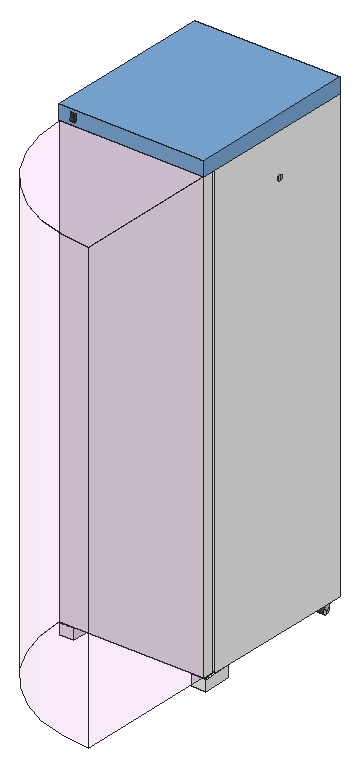
Revit family "QF_Summit_ACR1601W_24_Wide_Upright_Healthcare_Refrigerator", category Specialty Equipment, Revit 2020
Family settings
  Round Connector Dimension = Use Diameter
  Part Type = Normal
  Work Plane-Based = No
  Always vertical = Yes
  Cut with Voids When Loaded = No
  Shared = No
  Room Calculation Point = No
Parameters
  Weight in Pounds = 143
  Watts = Volts * FL Amps  # 230 W
  Volts = 115 V
  URL Cutsheet = ""
  Specification by User = ""
  Specification by Manufacturer = ""
  Show Right Hand Door [instance] = yes
  Show Left Hand Door [instance] = not(Show Right Hand Door)  # no
  Show Clearance [instance] = yes
  Serial Number = ""
  Seismic Rating = ""
  SMACNA No = ""
  Revision Code = ""
  Refrigerant Type = "R600a"
  Phase = 1
  Number of Poles = 1
  NAFEM Spec ID Number = ""
  Model = "ACR1601W"
  Min Ckt Ampacity = 0 A
  Max Overcurrent Protection = 0 A
  Masterspec = ""
  Manufacturer = "Summit"
  Length = 23.38"
  Item Number = ""
  Installed By = ""
  Identify Quantity as Lot = yes
  Height = 76 3/4"
  HP = ""
  Furnished By = ""
  Foodservice Equipment Identifier = yes
  FL Amps = 2 A
  Electrical Remarks = ""
  Electric Connection Type = ""
  Elec Conn RI Height = 0"
  Elec Conn Connection Height = 0"
  Description = "24\" Wide Upright Healthcare Refrigerator"
  Depth = 28.13"
  Default Elevation = 0"
  Cycle = 60 Hz
  Conn Plug = ""
  Conn Conduit = yes
  CSI MasterFormat = ""
  Apparent Power = 0 VA
Reference planes (in)
  plane 1 "BACK": y = 0
  plane 2: z = 0
  plane 3 "LEFT": x = 0
  plane 4 "RIGHT": x = 23.38
  plane 5 "FRONT": y = -28.13
  plane 6 "TOP": z = 76.75
  plane 7 "Center Y": x = 11.69
  plane 8 "Center X": y = -14.065
Forms (in)
  Extrusion 1, solid, material "QF_Plastic_Light_Blue_Smooth"
    sketch origin (-38.39759, -180, 76.75) x (-1, 0, 0) y (0, -1, 0)
      loop
        line (-38.39759, -151.87) -> (-61.77759, -151.87) -> (-61.77759, -179.25) -> (-38.39759, -179.25) -> (-38.39759, -151.87)
    from 0 to -2.375
  Extrusion 2, solid, material "QF_Plastic_White_Smooth"
    sketch origin (0, 0, 0) x (0, 1, 0) y (0, 0, 1)
      loop
        line (-25.755, 74.375) -> (-25.755, 1.74779) -> (-0.75, 1.74779) -> (-0.75, 74.375) -> (-25.755, 74.375)
    from 0 to 23.38
  Extrusion 3, solid, material "QF_Plastic_White_Smooth"
    sketch origin (0, -19.875, 5) x (1, 0, 0) y (0, -1, 0)
      loop
        line (0.625, 6.38) -> (0.625, 5.88) -> (22.755, 5.88) -> (22.755, 6.38) -> (0.625, 6.38)
    from 2.50221 to -68.77018
  Extrusion 4, solid, material "QF_Metal_Stainless_Polished"
    sketch origin (0, -0.75, 75.22602) x (0, 0, -1) y (-1, 0, 0)
      loop
        circle (71.69735, -22.29558) r 0.25
    from 0 to 0.03125
  Revolve 5, solid, material "QF_Metal_Stainless_Polished"
    sketch origin (0, -13, 49.00076) x (0, 0, 1) y (1, 0, 0)
      loop
        line (19.11924, 23.38) -> (19.11924, 23.63) -> (18.74424, 23.63) -> (18.74424, 23.38) -> (19.11924, 23.38)
      axis (18.74424, 23.38) -> (18.74424, 23.63)
    angle from 0 to 360
  Extrusion 6, solid, material "QF_Metal_Stainless_Polished"
    sketch origin (2.75, -5.78899, 48) x (0, -1, 0) y (0, 0, 1)
      loop
        line (-5.03899, 19.99953) -> (-5.78899, 19.99953) -> (-5.78899, -35.36826) -> (-5.03899, -35.36826) -> (-5.03899, 19.99953)
    from 0 to -18
  Extrusion 7, solid, material "QF_Plastic_White_Smooth"
    sketch origin (23.5, 0, 0) x (0, 1, 0) y (0, 0, -1)
      loop
        line (-23.255, -1.74779) -> (-23.255, 0) -> (-27.755, 0) -> (-27.755, -1.74779) -> (-23.255, -1.74779)
    from 0.12 to 2.375
  Extrusion 8, solid, material "QF_Plastic_White_Smooth"
    sketch origin (-0.12, 0, 0) x (0, 1, 0) y (0, 0, 1)
      loop
        line (-23.255, 1.74779) -> (-27.755, 1.74779) -> (-27.755, 0) -> (-23.255, 0) -> (-23.255, 1.74779)
    from 0.12 to 2.375
  Extrusion 9, solid, material "QF_Metal_Stainless_Polished"
    sketch origin (-2.83942, -28.13, 53.495) x (1, 0, 0) y (0, 0, 1)
      loop
        line (4.83942, 22.77799) -> (4.83942, 21.52799) -> (5.58942, 21.52799) -> (5.58942, 22.77799) -> (4.83942, 22.77799)
    from 0 to 0.06284
  Extrusion 10, solid, material "QF_Metal_Stainless_Polished"
    sketch origin (2.375, -187.13, 87.14299) x (0, 0, -1) y (0, -1, 0)
      loop
        line (11.495, -158.93716) -> (11.89901, -158.93716) -> (11.89901, -158.67814) -> (11.495, -158.86654) -> (11.09362, -158.86654) -> (11.09362, -158.93716) -> (11.495, -158.93716)
    from -0.28042 to 0.28363
Lines and regions (in)
  Split face 1
    outline origin (4.56, -28.13, 74.6275) x (0, 0, 1) y (-1, 0, 0)
      loop
        circle (0.9766, -7.13) r 0.5
  Split face 2
    outline origin (4.56, -28.13, 74.6275) x (0, 0, 1) y (-1, 0, 0)
      loop
        circle (0.9766, -7.13) r 0.25
  Split face 3
    outline origin (4.5, -28.13, 74.065) x (0, 0, 1) y (-1, 0, 0)
      loop
        line (2.10399, -11.23542) -> (0.85399, -11.23542) -> (0.85399, -14.48542) -> (2.10399, -14.48542) -> (2.10399, -11.23542)
  Split face 4
    outline origin (4.5, -28.13, 73.815) x (0, 0, 1) y (-1, 0, 0)
      loop
        line (2.60301, -14.95537) -> (0.85497, -14.95537) -> (0.85497, -18.45537) -> (2.60301, -18.45537) -> (2.60301, -14.95537)
  Split face 5
    outline origin (4.5, -28.13, 73.815) x (0, 0, 1) y (-1, 0, 0)
      loop
        line (2.33838, -15.41838) -> (1.08838, -15.41838) -> (1.08838, -18.01344) -> (2.33838, -18.01344) -> (2.33838, -15.41838)
  symbolic lines
    curve 1: line (0, -0.75, 0) -> (23.38, -0.75, 0)
    curve 2: line (0, -28.13, 0) -> (0, -0.75, 0)
    curve 3: line (23.38, -28.13, 0) -> (0, -28.13, 0)
    curve 4: line (23.38, -0.75, 0) -> (23.38, -28.13, 0)
    curve 5: line (2.75, 0, 0) -> (2.75, -0.75, 0)
    curve 6: line (20.75, 0, 0) -> (2.75, 0, 0)
    curve 7: line (20.75, -0.75, 0) -> (20.75, 0, 0)
    curve 8: line (4.5, -28.13, 0) -> (4.5, -28.19944, 0)
    curve 9: line (4.5, -28.19944, 0) -> (5.25, -28.19944, 0)
    curve 10: line (5.25, -28.19944, 0) -> (5.25, -28.13, 0)
    curve 11: line (4.5625, -28.19944, 0) -> (4.5625, -28.29089, 0)
    curve 12: line (5.1875, -28.29089, 0) -> (5.1875, -28.19944, 0)
    curve 13: line (5.1875, -28.29089, 0) -> (4.5625, -28.29089, 0)
    curve 14: line (11.315, -28.16125, 0) -> (11.315, -28.13, 0)
    curve 15: line (12.065, -28.16125, 0) -> (12.065, -28.13, 0)
    curve 16: line (12.065, -28.16125, 0) -> (11.315, -28.16125, 0)
    curve 17: line (15.8175, -28.13, 0) -> (15.8175, -28.16125, 0)
    curve 18: line (15.8175, -28.16125, 0) -> (18.8175, -28.16125, 0)
    curve 19: line (18.8175, -28.16125, 0) -> (18.8175, -28.13, 0)
    curve 20: line (19.25225, -28.13, 0) -> (19.25225, -28.16125, 0)
    curve 21: line (19.25225, -28.16125, 0) -> (23.00225, -28.16125, 0)
    curve 22: line (23.00225, -28.16125, 0) -> (23.00225, -28.13, 0)
    curve 23: line (23.63, -12.625, 0) -> (23.38, -12.625, 0)
    curve 24: line (23.63, -12.625, 0) -> (23.63, -13.375, 0)
    curve 25: line (23.63, -13.375, 0) -> (23.38, -13.375, 0)
    curve 26: line (2, -28.13, 0) -> (2, -28.19284, 0)
    curve 27: line (2, -28.19284, 0) -> (2.75, -28.19284, 0)
    curve 28: line (2.75, -28.19284, 0) -> (2.75, -28.13, 0)
    curve 29: line (2.09137, -28.19284, 0) -> (2.09137, -28.45186, 0)
    curve 30: line (2.65542, -28.45186, 0) -> (2.65542, -28.19284, 0)
    curve 31: line (2.65542, -28.45186, 0) -> (2.09137, -28.45186, 0)
    curve 32: line (2.09137, -28.26346, 0) -> (2.65542, -28.26346, 0)
Dimensions and locks (in)
  equal spacing: plane 3 "LEFT", plane 7 "Center Y", plane 4 "RIGHT"
  "Length": plane 3 "LEFT" to plane 4 "RIGHT"
  equal spacing: plane 5 "FRONT", plane 8 "Center X", plane 1 "BACK"
  "Depth": plane 5 "FRONT" to plane 1 "BACK"
  "Height": plane 6 "TOP" to level
  aligned and locked: level to plane 2
Automatic sketch dimensions
  Extrusion 1 sketch curve to plane 4 "RIGHT" = 0"
  Extrusion 1 sketch curve to plane 3 "LEFT" = 0"
  plane 5 "FRONT" to Extrusion 1 sketch curve = 0"
  plane 1 "BACK" to Extrusion 1 sketch curve = 3/4"
  Extrusion 2 sketch curve to plane 5 "FRONT" = 2 3/8"
  plane 1 "BACK" to Extrusion 2 sketch curve = 3/4"
  level to Extrusion 2 sketch curve = 1.74779"
  Extrusion 2 sketch curve to plane 6 "TOP" = 2 3/8"
  plane 3 "LEFT" to Extrusion 3 sketch curve = 5/8"
  plane 4 "RIGHT" to Extrusion 3 sketch curve = 5/8"
  Extrusion 3 sketch curve to plane 5 "FRONT" = 1 7/8"
  Extrusion 3 sketch curve to Extrusion 3 sketch curve = 1/2"
  Extrusion 2 to Extrusion 4 sketch curve = 1.78088"
  Extrusion 2 to Extrusion 4 sketch curve = 1.08442"
  plane 4 "RIGHT" to Revolve 5 sketch curve = 0"  (x2)
  Revolve 5 sketch curve to plane 6 "TOP" = 9.005"
  Revolve 5 sketch curve to Revolve 5 sketch curve = 3/8"
  Revolve 5 sketch curve to plane 4 "RIGHT" = 1/4"
  Revolve 5 sketch curve to Revolve 5 sketch curve = 0"
  Revolve 5 sketch curve to plane 4 "RIGHT" = 0.09237"
  Extrusion 6 sketch curve to plane 1 "BACK" = 0"
  plane 1 "BACK" to Extrusion 6 sketch curve = 3/4"
  level to Extrusion 6 sketch curve = 12.63174"
  Extrusion 6 sketch curve to plane 6 "TOP" = 8.75047"
  Extrusion 7 sketch curve to level = 0"
  Extrusion 7 sketch curve to plane 5 "FRONT" = 3/8"
  Extrusion 7 sketch curve to Extrusion 7 sketch curve = 4 1/2"
  level to Extrusion 7 sketch curve = 1.74779"
  Extrusion 8 sketch curve to level = 0"
  Extrusion 8 sketch curve to plane 5 "FRONT" = 3/8"
  Extrusion 8 sketch curve to Extrusion 8 sketch curve = 4 1/2"
  level to Extrusion 8 sketch curve = 1.74779"
  Split face 1 sketch curve to Extrusion 1 = 1.1459"
  Split face 1 sketch curve to Extrusion 1 = 11.69"
  Split face 2 sketch curve to Extrusion 1 = 1.1459"
  Split face 2 sketch curve to Extrusion 1 = 11.69"
  Split face 3 sketch curve to Extrusion 1 = 0.54399"
  Split face 3 sketch curve to Extrusion 1 = 0.58101"
  Split face 3 sketch curve to Extrusion 1 = 4.39458"
  Split face 3 sketch curve to Split face 3 sketch curve = 3 1/4"
  Split face 4 sketch curve to Extrusion 1 = 0.29497"
  Split face 4 sketch curve to Extrusion 1 = 0.33199"
  Split face 4 sketch curve to Extrusion 1 = 0.42463"
  Split face 4 sketch curve to Split face 4 sketch curve = 3 1/2"
  Split face 5 sketch curve to Extrusion 1 = 0.52838"
  Split face 5 sketch curve to Extrusion 1 = 0.59662"
  Split face 5 sketch curve to Extrusion 1 = 0.86656"
  Split face 5 sketch curve to Split face 5 sketch curve = 2.59507"
  plane 3 "LEFT" to Extrusion 9 sketch curve = 2"
  Extrusion 9 sketch curve to Extrusion 9 sketch curve = 3/4"
  Extrusion 9 sketch curve to plane 6 "TOP" = 1.72701"
  Extrusion 9 sketch curve to plane 6 "TOP" = 0.47701"
  plane 5 "FRONT" to Extrusion 10 sketch curve = 0.13346"
  Extrusion 10 sketch curve to plane 6 "TOP" = 0.70063"
  plane 5 "FRONT" to Extrusion 10 sketch curve = 0.06284"
  Extrusion 10 sketch curve to Extrusion 10 sketch curve = 0.40138"
  Extrusion 10 sketch curve to Extrusion 10 sketch curve = 0"
  Extrusion 10 sketch curve to Extrusion 10 sketch curve = 0.40401"
  Extrusion 10 sketch curve to Extrusion 10 sketch curve = 0.25902"
  curve 3 to plane 3 "LEFT" = 0"
  plane 5 "FRONT" to curve 26 = 0"
  plane 1 "BACK" to curve 6 = 0"
  curve 4 to plane 4 "RIGHT" = 0"
  plane 5 "FRONT" to curve 26 = 0.06284"
  plane 3 "LEFT" to curve 26 = 2"
  curve 26 to curve 29 = 0.09137"
  plane 5 "FRONT" to curve 31 = 0.32186"
  curve 29 to curve 31 = 0.56404"
  plane 3 "LEFT" to curve 6 = 2 3/4"
  curve 30 to curve 28 = 0.09458"
  plane 5 "FRONT" to curve 9 = 0.06944"
  curve 27 to curve 9 = 1 3/4"
  curve 8 to curve 13 = 1/16"
  plane 5 "FRONT" to curve 12 = 0.16089"
  curve 11 to curve 12 = 5/8"
  curve 12 to curve 10 = 1/16"
  plane 5 "FRONT" to curve 14 = 1/32"
  curve 14 to plane 7 "Center Y" = 3/8"
  plane 7 "Center Y" to curve 15 = 3/8"
  plane 5 "FRONT" to curve 18 = 1/32"
  curve 15 to curve 18 = 3.7525"
  curve 17 to curve 18 = 3"
  plane 5 "FRONT" to curve 20 = 1/32"
  curve 18 to curve 20 = 0.43475"
  plane 4 "RIGHT" to curve 7 = 2.63"
  plane 4 "RIGHT" to curve 21 = 0.37775"
  curve 25 to curve 25 = 1/4"
  plane 8 "Center X" to curve 24 = 0.69"
  curve 24 to curve 23 = 3/4"
  plane 1 "BACK" to curve 1 = 3/4"
  curve 32 to curve 30 = 0.07062"
  radius of Extrusion 4 sketch curve = 1/4"
  radius of Split face 1 sketch curve = 1/2"
  radius of Split face 2 sketch curve = 1/4"
Nested families (in)
  nested 1: "RHD AND LHD" at (0.065, -26.255, 0.26038), Show Clearance <- "Show Clearance", Show Left Hand Door <- "Show Left Hand Door", Show Right Hand Door <- "Show Right Hand Door", type "RHD AND LHD"
    with Show Right Hand Door yes, Show Left Hand Door no, Show Clearance yes, Right Hand Door yes, Left Hand Door no, Clearance yes
  nested 2: "2 INCHES_CASTER" at (22.3125, -3.21818, 0), type "2 INCHES_CASTER"
    with Type Mark "", Specification by User "", Revision Code "", Item Number "", Installed By "", Identify Quantity as Lot yes, Furnished By "", Foodservice Equipment Identifier yes, 2.5 Inches Caster yes
  nested 3: "2 INCHES_CASTER" at (1.1875, -3.21818, 0) x (-1, 0, 0) z (0, 0, 1), type "2 INCHES_CASTER"
    with Type Mark "", Specification by User "", Revision Code "", Item Number "", Installed By "", Identify Quantity as Lot yes, Furnished By "", Foodservice Equipment Identifier yes, 2.5 Inches Caster yes
Definition of nested family "RHD AND LHD"
  Parameters (values of type "RHD AND LHD")
    Weight in Pounds = 0
    URL Cutsheet = ""
    Specification by User = ""
    Specification by Manufacturer = ""
    Show Right Hand Door [instance] = yes
    Show Left Hand Door [instance] = yes
    Show Clearance [instance] = yes
    Serial Number = ""
    Seismic Rating = ""
    SMACNA No = ""
    Right Hand Door [instance] = Show Right Hand Door  # yes
    Revision Code = ""
    NAFEM Spec ID Number = ""
    Masterspec = ""
    Length = 23 1/4"
    Left Hand Door [instance] = Show Left Hand Door  # yes
    Item Number = ""
    Installed By = ""
    Identify Quantity as Lot = yes
    Height = 53.13"
    Furnished By = ""
    Foodservice Equipment Identifier = yes
    Depth = 1 3/4"
    Default Elevation = 0"
    Clearance [instance] = Show Clearance  # yes
    CSI MasterFormat = ""
  Reference planes (in)
    plane 1 "BACK": y = 0
    plane 2: z = 0
    plane 3 "LEFT": x = 0
    plane 4 "RIGHT": x = 23.25
    plane 5 "FRONT": y = -1.75
    plane 6 "TOP": z = 53.13
    plane 7 "Center Y": x = 11.625
    plane 8 "Center X": y = -0.875
  Dimensions and locks (in)
    equal spacing: plane 3 "LEFT", plane 7 "Center Y", plane 4 "RIGHT"
    "Length": plane 3 "LEFT" to plane 4 "RIGHT"
    equal spacing: plane 5 "FRONT", plane 8 "Center X", plane 1 "BACK"
    "Depth": plane 5 "FRONT" to plane 1 "BACK"
    "Height": plane 6 "TOP" to level
    aligned and locked: level to plane 2
  Nested families (in)
    nested 1: "RHD" at (0, 0, 0), Show Clearance <- "Show Clearance", Show Right Hand Door <- "Right Hand Door", visible <- "Right Hand Door", type "RHD"
      with Show Right Hand Door yes, Show Clearance yes, Right Hand Door yes, Clearance yes
    nested 2: "LHD" at (0, 0, 0), Show Clearance <- "Show Clearance", Show Left Hand Door <- "Left Hand Door", visible <- "Left Hand Door", type "LHD"
      with Show Left Hand Door yes, Show Clearance yes, Right Hand Door yes, Left Hand Door yes, Clearance yes
  Definition of nested family "RHD"
    Parameters (values of type "RHD")
      Weight in Pounds = 0
      URL Cutsheet = ""
      Specification by User = ""
      Specification by Manufacturer = ""
      Show Right Hand Door [instance] = yes
      Show Clearance [instance] = yes
      Serial Number = ""
      Seismic Rating = ""
      SMACNA No = ""
      Right Hand Door [instance] = Show Right Hand Door  # yes
      Revision Code = ""
      NAFEM Spec ID Number = ""
      Masterspec = ""
      Length = 23 1/4"
      Item Number = ""
      Installed By = ""
      Identify Quantity as Lot = yes
      Height = 76 3/4"
      Furnished By = ""
      Foodservice Equipment Identifier = yes
      Depth = 1 3/4"
      Default Elevation = 0"
      Clearance [instance] = Show Clearance  # yes
      CSI MasterFormat = ""
    Reference planes (in)
      plane 1 "BACK": y = 0
      plane 2: z = 0
      plane 3 "LEFT": x = 0
      plane 4 "RIGHT": x = 23.25
      plane 5 "FRONT": y = -1.75
      plane 6 "TOP": z = 76.75
      plane 7 "Center Y": x = 11.625
      plane 8 "Center X": y = -0.875
      plane 9: z = 1.5
    Forms (in)
      Extrusion 1, solid, visible <- "Right Hand Door"
        sketch origin (-2.76448, -1.75, 48) x (-1, 0, 0) y (0, 0, 1)
          loop
            line (-2.82698, 26) -> (-25.95198, 26) -> (-25.95198, -46.24611) -> (-2.82698, -46.24611) -> (-2.82698, 26)
        from 0 to 1.75
      Extrusion 2, solid, visible <- "Right Hand Door"
        sketch origin (0, -0.25, 25.99945) x (0, 1, 0) y (0, 0, 1)
          loop
            arc (0.125, 15.6275) -> (0.05178, 15.80428) -> (-0.125, 15.8775) r 0.25
            line (-0.125, 15.8775) -> (-1.125, 15.8775)
            arc (-1.125, 15.8775) -> (-1.30178, 15.80428) -> (-1.375, 15.6275) r 0.25
            line (-1.375, 15.6275) -> (-1.375, 8.1275)
            arc (-1.375, 8.1275) -> (-1.30178, 7.95072) -> (-1.125, 7.8775) r 0.25
            line (-1.125, 7.8775) -> (-0.125, 7.8775)
            arc (-0.125, 7.8775) -> (0.05178, 7.95072) -> (0.125, 8.1275) r 0.25
            line (0.125, 8.1275) -> (0.125, 15.6275)
          loop
            arc (-0.125, 15.12512) -> (-0.625, 15.62512) -> (-1.125, 15.12512) r 0.5
            line (-1.125, 15.12512) -> (-1.125, 8.6275)
            arc (-1.125, 8.6275) -> (-0.625, 8.1275) -> (-0.125, 8.6275) r 0.5
            line (-0.125, 8.6275) -> (-0.125, 15.12512)
        from 0 to 0.0625
      Extrusion 3, void
        sketch origin (0, -0.25, 25.99945) x (0, 1, 0) y (0, 0, 1)
          loop
            line (-0.125, 8.6275) -> (-0.125, 15.12512)
            arc (-0.125, 15.12512) -> (-0.625, 15.62512) -> (-1.125, 15.12512) r 0.5
            line (-1.125, 15.12512) -> (-1.125, 8.6275)
            arc (-1.125, 8.6275) -> (-0.625, 8.1275) -> (-0.125, 8.6275) r 0.5
        from 0 to 0.33876
      Extrusion 4, solid, visible <- "Clearance"
        sketch origin (23.1875, -1.75, 1.75389) x (0, 1, 0) y (1, 0, 0)
          loop
            line (0, -23.125) -> (0, 0) -> (-23.125, 0)
            arc (-23.125, 0) -> (-16.35184, -16.35184) -> (0, -23.125) r 23.125
        from 0 to -72.24611
      Revolve 5, solid, visible <- "Right Hand Door"
        sketch origin (22.75, -163.625, 20.255) x (0, 0, 1) y (0, -1, 0)
          loop
            line (53.745, -162.75) -> (53.745, -163) -> (53.86071, -163) -> (53.86071, -162.75) -> (53.745, -162.75)
          axis (53.86071, -162.75) -> (53.745, -162.75)
        angle from 0 to 360
      Extrusion 6, solid, visible <- "Right Hand Door"
        sketch origin (18.75, 0.5, 1.50389) x (-1, 0, 0) y (0, 0, -1)
          loop
            line (-3.5625, -0.15066) -> (-3.5625, -0.08986) -> (-4.4375, -0.08986) -> (-4.4375, -0.15066) -> (-3.5625, -0.15066)
        from 0 to 1.84933
      Revolve 7, solid, visible <- "Right Hand Door"
        sketch origin (22.75, -163.625, 1.75389) x (0, 0, 1) y (0, -1, 0)
          loop
            line (-0.09934, -162.75) -> (-0.09934, -163) -> (0, -163) -> (0, -162.75) -> (-0.09934, -162.75)
          axis (0, -162.75) -> (-0.09934, -162.75)
        angle from 0 to 360
    Cuts and joins
      Extrusion 3 cuts Extrusion 1
      Extrusion 3 cuts Extrusion 2
    Lines and regions (in)
      symbolic lines, visible <- "Clearance"
        curve 1: arc (3.26979, -13.49949, 0) -> (0.87873, -7.83969, 0) -> (0.0625, -1.75, 0) r 23.125
        curve 2: line (23.1875, -2, 0) -> (3.26979, -13.49949, 0)
    Dimensions and locks (in)
      equal spacing: plane 3 "LEFT", plane 7 "Center Y", plane 4 "RIGHT"
      "Length": plane 3 "LEFT" to plane 4 "RIGHT"
      equal spacing: plane 5 "FRONT", plane 8 "Center X", plane 1 "BACK"
      "Depth": plane 5 "FRONT" to plane 1 "BACK"
      "Height": plane 6 "TOP" to level
      aligned and locked: level to plane 2
    Automatic sketch dimensions
      plane 4 "RIGHT" to Extrusion 1 sketch curve = 1/16"
      plane 3 "LEFT" to Extrusion 1 sketch curve = 1/16"
      level to Extrusion 1 sketch curve = 1 193/256"
      Extrusion 1 sketch curve to plane 6 "TOP" = 2 3/4"
      Extrusion 2 sketch curve to Extrusion 2 sketch curve = 1/4"  (x3)
      Extrusion 2 sketch curve to Extrusion 2 sketch curve = 1/2"  (x3)
      Extrusion 2 sketch curve to Extrusion 2 sketch curve = 0"  (x2)
      level to Extrusion 2 sketch curve = 33.87695"
      Extrusion 2 sketch curve to Extrusion 2 sketch curve = 6.49762"
      Extrusion 2 sketch curve to Extrusion 2 sketch curve = 0.50238"
      Extrusion 3 sketch curve to Extrusion 3 sketch curve = 1/2"
      level to Extrusion 3 sketch curve = 34.62695"
      Extrusion 3 sketch curve to Extrusion 3 sketch curve = 6.49762"
      Extrusion 4 sketch curve to Extrusion 1 = 0"  (x2)
      Extrusion 1 to Extrusion 4 sketch curve = 0"
      Extrusion 2 sketch curve to plane 5 "FRONT" = 1/8"
      Extrusion 3 sketch curve to plane 5 "FRONT" = 3/8"
      Revolve 5 sketch curve to plane 8 "Center X" = 0"  (x2)
      Revolve 5 sketch curve to plane 6 "TOP" = 2 3/4"
      Revolve 5 sketch curve to Revolve 5 sketch curve = 0.11571"
      Revolve 5 sketch curve to Revolve 5 sketch curve = 1/4"
      Revolve 5 sketch curve to Revolve 5 sketch curve = 0.12043"
      Revolve 5 sketch curve to Revolve 5 sketch curve = 0.00929"
      plane 4 "RIGHT" to Extrusion 6 sketch curve = 1/16"
      Extrusion 6 sketch curve to Extrusion 6 sketch curve = 7/8"
      level to Extrusion 6 sketch curve = 1.65455"
      Extrusion 6 sketch curve to Extrusion 6 sketch curve = 0.0608"
      Revolve 7 sketch curve to plane 8 "Center X" = 0"  (x2)
      level to Revolve 7 sketch curve = 1.65455"
      Revolve 7 sketch curve to Revolve 7 sketch curve = 0.09934"
      Revolve 7 sketch curve to Revolve 7 sketch curve = 1/4"
      Revolve 7 sketch curve to Revolve 7 sketch curve = 0.03038"
      Revolve 7 sketch curve to Revolve 7 sketch curve = 0"
      plane 5 "FRONT" to curve 1 = 0"
      plane 4 "RIGHT" to curve 1 = 1/16"
      plane 4 "RIGHT" to curve 2 = 1/16"
      plane 3 "LEFT" to curve 2 = 3.26979"
      plane 3 "LEFT" to curve 1 = 1/16"
      curve 2 to curve 1 = 1/4"
  Definition of nested family "LHD"
    Parameters (values of type "LHD")
      Weight in Pounds = 0
      URL Cutsheet = ""
      Specification by User = ""
      Specification by Manufacturer = ""
      Show Left Hand Door [instance] = yes
      Show Clearance [instance] = yes
      Serial Number = ""
      Seismic Rating = ""
      SMACNA No = ""
      Right Hand Door [instance] = yes
      Left Hand Door [instance] = Show Left Hand Door  # yes
      Revision Code = ""
      NAFEM Spec ID Number = ""
      Masterspec = ""
      Length = 23 1/4"
      Item Number = ""
      Installed By = ""
      Identify Quantity as Lot = yes
      Height = 76 3/4"
      Furnished By = ""
      Foodservice Equipment Identifier = yes
      Depth = 1 3/4"
      Default Elevation = 0"
      Clearance [instance] = Show Clearance  # yes
      CSI MasterFormat = ""
    Reference planes (in)
      plane 1 "BACK": y = 0
      plane 2: z = 0
      plane 3 "LEFT": x = 0
      plane 4 "RIGHT": x = 23.25
      plane 5 "FRONT": y = -1.75
      plane 6 "TOP": z = 76.75
      plane 7 "Center Y": x = 11.625
      plane 8 "Center X": y = -0.875
      plane 9: z = 1.5
      plane 10: z = 1.59375
    Forms (in)
      Extrusion 1, solid, visible <- "Left Hand Door"
        sketch origin (-2.76448, -1.75, 48) x (-1, 0, 0) y (0, 0, 1)
          loop
            line (-2.82698, 26.00009) -> (-25.95198, 26.00009) -> (-25.95198, -46.24611) -> (-2.82698, -46.24611) -> (-2.82698, 26.00009)
        from 0 to 1.75
      Extrusion 2, solid, visible <- "Left Hand Door"
        sketch origin (23.1875, -1.75, 51.752) x (0, 0, -1) y (0, 1, 0)
          loop
            arc (10.12501, 1.625) -> (9.94823, 1.55178) -> (9.87501, 1.375) r 0.25
            line (9.87501, 1.375) -> (9.87501, 0.375)
            arc (9.87501, 0.375) -> (9.94823, 0.19822) -> (10.12501, 0.125) r 0.25
            line (10.12501, 0.125) -> (17.62501, 0.125)
            arc (17.62501, 0.125) -> (17.80178, 0.19822) -> (17.87501, 0.375) r 0.25
            line (17.87501, 0.375) -> (17.87501, 1.375)
            arc (17.87501, 1.375) -> (17.80178, 1.55178) -> (17.62501, 1.625) r 0.25
            line (17.62501, 1.625) -> (10.12501, 1.625)
          loop
            arc (10.62739, 1.375) -> (10.12739, 0.875) -> (10.62739, 0.375) r 0.5
            line (10.62739, 0.375) -> (17.12501, 0.375)
            arc (17.12501, 0.375) -> (17.62501, 0.875) -> (17.12501, 1.375) r 0.5
            line (17.12501, 1.375) -> (10.62739, 1.375)
        from 0 to 0.0625
      Extrusion 3, solid, visible <- "Clearance"
        sketch origin (2.21303, -1.75, 2.0025) x (0, -1, 0) y (-1, 0, 0)
          loop
            line (0, 2.15053) -> (0, -20.97447)
            arc (0, -20.97447) -> (16.35184, -14.20131) -> (23.125, 2.15053) r 23.125
            line (23.125, 2.15053) -> (0, 2.15053)
        from 0.24861 to -71.99759
      Extrusion 4, void
        sketch origin (23.1875, -1.75, 74.08072) x (0, 0, 1) y (0, 1, 0)
          loop
            arc (-32.95611, 0.375) -> (-32.45611, 0.875) -> (-32.95611, 1.375) r 0.5
            line (-32.95611, 1.375) -> (-39.45372, 1.375)
            arc (-39.45372, 1.375) -> (-39.95372, 0.875) -> (-39.45372, 0.375) r 0.5
            line (-39.45372, 0.375) -> (-32.95611, 0.375)
        from 0 to 0.68518
      Extrusion 5, solid, visible <- "Left Hand Door"
        sketch origin (1, 0.5, 1.50389) x (-1, 0, 0) y (0, 0, -1)
          loop
            line (0.9375, -0.15066) -> (0.9375, -0.08986) -> (0.0625, -0.08986) -> (0.0625, -0.15066) -> (0.9375, -0.15066)
        from 0 to 1.84933
      Revolve 6, solid, visible <- "Left Hand Door"
        sketch origin (0.5, -163.625, 1.75389) x (0, 0, 1) y (0, -1, 0)
          loop
            line (-0.09934, -162.75) -> (-0.09934, -163) -> (0, -163) -> (0, -162.75) -> (-0.09934, -162.75)
          axis (0, -162.75) -> (-0.09934, -162.75)
        angle from 0 to 360
      Revolve 7, solid, visible <- "Right Hand Door"
        sketch origin (0.5007, -163.625, 20.255) x (0, 0, 1) y (0, 1, 0)
          loop
            line (53.74509, 162.75) -> (53.87, 162.75) -> (53.87, 163) -> (53.74509, 163) -> (53.74509, 162.75)
          axis (53.87, 162.75) -> (53.74509, 162.75)
        angle from 0 to 360
    Cuts and joins
      Extrusion 4 cuts Extrusion 1
    Lines and regions (in)
      symbolic lines, visible <- "Left Hand Door"
        curve 1: line (0.06419, -2.00098, 0) -> (19.98021, -13.49949, 0)
      symbolic lines
        curve 2: arc (23.1875, -1.75, 0) -> (22.37127, -7.83969, 0) -> (19.98021, -13.49949, 0) r 23.125
    Dimensions and locks (in)
      equal spacing: plane 3 "LEFT", plane 7 "Center Y", plane 4 "RIGHT"
      "Length": plane 3 "LEFT" to plane 4 "RIGHT"
      equal spacing: plane 5 "FRONT", plane 8 "Center X", plane 1 "BACK"
      "Depth": plane 5 "FRONT" to plane 1 "BACK"
      "Height": plane 6 "TOP" to level
      aligned and locked: level to plane 2
    Automatic sketch dimensions
      plane 4 "RIGHT" to Extrusion 1 sketch curve = 1/16"
      plane 3 "LEFT" to Extrusion 1 sketch curve = 1/16"
      Extrusion 4 sketch curve to Extrusion 1 = 7/8"
      Extrusion 4 sketch curve to Extrusion 1 = 32.8731"
      Extrusion 4 sketch curve to Extrusion 4 sketch curve = 6.49762"
      Extrusion 4 sketch curve to Extrusion 1 = 3/8"
      plane 3 "LEFT" to Extrusion 5 sketch curve = 15/16"
      plane 3 "LEFT" to Extrusion 5 sketch curve = 1/16"
      Revolve 6 sketch curve to plane 8 "Center X" = 0"  (x2)
      Revolve 6 sketch curve to Revolve 6 sketch curve = 0.09934"
      Revolve 6 sketch curve to Revolve 6 sketch curve = 1/4"
      Revolve 6 sketch curve to Revolve 6 sketch curve = 0.03038"
      Revolve 6 sketch curve to Revolve 6 sketch curve = 0"
      Revolve 7 sketch curve to plane 8 "Center X" = 0"  (x2)
      Revolve 7 sketch curve to Revolve 7 sketch curve = 1/4"
      Revolve 7 sketch curve to Revolve 7 sketch curve = 0.12972"
      Revolve 7 sketch curve to Revolve 7 sketch curve = 0"
      Extrusion 1 sketch curve to plane 6 "TOP" = 2.74991"
      Revolve 7 sketch curve to plane 6 "TOP" = 2.74991"
      Revolve 7 sketch curve to Revolve 7 sketch curve = 0.12491"
      plane 5 "FRONT" to Extrusion 3 sketch curve = 0"
      plane 3 "LEFT" to Extrusion 3 sketch curve = 1/16"
      Extrusion 3 sketch curve to Extrusion 3 sketch curve = 23 1/8"
      plane 3 "LEFT" to curve 1 = 0.06419"
      plane 4 "RIGHT" to curve 1 = 3.26979"
      plane 5 "FRONT" to curve 1 = 0.25098"
      plane 5 "FRONT" to curve 2 = 0"
      plane 3 "LEFT" to curve 2 = 1/16"
      plane 4 "RIGHT" to curve 2 = 1/16"
      Extrusion 1 to Extrusion 2 sketch curve = 3/8"  (x3)
      Extrusion 1 to Extrusion 2 sketch curve = 32.1231"
      Extrusion 2 sketch curve to Extrusion 2 sketch curve = 1/4"  (x3)
      Extrusion 2 sketch curve to Extrusion 2 sketch curve = 0.50238"
      Extrusion 2 sketch curve to Extrusion 2 sketch curve = 6.49762"
      Extrusion 2 sketch curve to Extrusion 2 sketch curve = 1/2"  (x3)
      Extrusion 5 sketch curve to Extrusion 5 sketch curve = 0.0608"
      level to Extrusion 1 sketch curve = 1 193/256"
      level to Extrusion 5 sketch curve = 1.65455"
      level to Revolve 6 sketch curve = 1.65455"
Definition of nested family "2 INCHES_CASTER"
  Parameters (values of type "2 INCHES_CASTER")
    Weight = ""
    URL Manufacturer = ""
    URL Cutsheet = ""
    URL = ""
    Type Mark [instance] = ""
    Specification by User [instance] = ""
    Specification by Manufacturer = ""
    Serial Number = ""
    Seismic Rating = ""
    SMACNA No = ""
    Revision Code [instance] = ""
    Omniclass Number and Title = ""
    NAFEM Spec ID Number = ""
    Model = ""
    MasterSpec. = ""
    Manufacturer = ""
    Item Number [instance] = ""
    Installed By [instance] = ""
    Identify Quantity as Lot [instance] = yes
    Furnished By [instance] = ""
    Foodservice Equipment Identifier [instance] = yes
    Description = ""
    Default Elevation = 0"
    CSI MasterFormat = ""
    CSI Master Format = ""
    Assembly Code = ""
    2.5 Inches Caster [instance] = yes
  Reference planes (in)
    plane 1: z = 0
    plane 2 "RIGHT": x = 0
    plane 3 "FRONT": y = 0
    plane 4 "TOP": z = 1.75
  Forms (in)
    Revolve 1, solid, visible <- "2.5 Inches Caster"
      sketch origin (-1.93794, 0.46818, -1.0041) x (1, 0, 0) y (0, 0, 1)
        loop
          line (1.3915, 1.51374) -> (1.3915, 1.0041) -> (2.48438, 1.0041) -> (2.48438, 1.51374) -> (1.3915, 1.51374)
        axis (1.3915, 1.51374) -> (2.48438, 1.51374)
      angle from 0 to 360
    Extrusion 2, solid
      sketch origin (0.54644, 0.46818, 0.5) x (0, 0, -1) y (0, 1, 0)
        loop
          line (0, 0) -> (-1.25, 0.9375) -> (-1.25, -0.9375) -> (0, 0)
      from 0 to 0.0625
    Extrusion 3, solid
      sketch origin (-0.54644, 0.46818, 0.5) x (0, 0, -1) y (0, -1, 0)
        loop
          line (0, 0) -> (-1.25, 0.9375) -> (-1.25, -0.9375) -> (0, 0)
      from 0 to 0.0625
    Extrusion 4, solid
      sketch origin (-0.54644, 0.46818, 0.5) x (0, 0, 1) y (0, -1, 0)
        loop
          line (1.25, 0.9375) -> (0.80177, 0.60133)
          arc (0.80177, 0.60133) -> (1.03384, 0) -> (0.80177, -0.60133) r 0.89512
          line (0.80177, -0.60133) -> (1.25, -0.9375) -> (1.25, 0.9375)
      from 0 to 1.09287
  Cuts and joins
    joined: Extrusion 2, Extrusion 3, Extrusion 4
  Dimensions and locks (in)
    plane 4 "TOP" to level = 1 3/4"
    aligned and locked: level to plane 1
